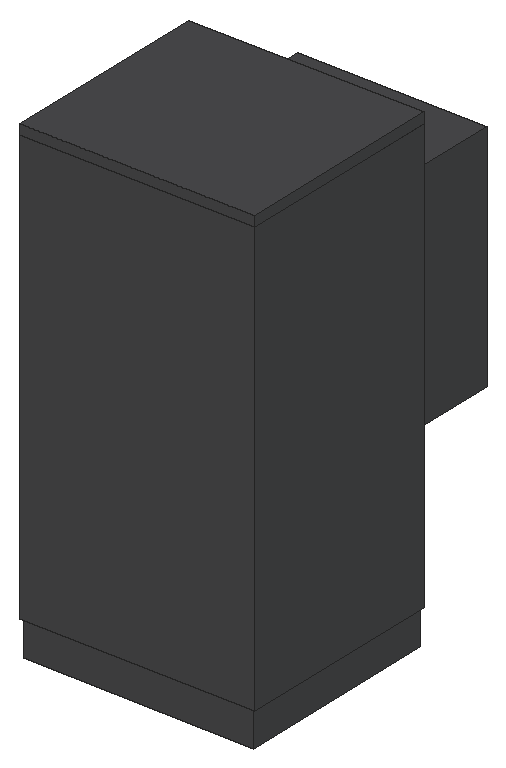
Revit family "LED QUADRATE 01_AM18W.2.18", category Luminarias, Revit 2019
Family settings
  Cota de conector redondo = Diámetro de uso
  Tipo de pieza = Normal
  Se basa en plano de trabajo = Sí
  Siempre vertical = No
  Corte con vacíos al cargar = No
  Origen de luz = Sí
  Compartido = No
  Punto de cálculo de habitación = No
Parameters (values of type "LED QUADRATE 01_AM18W.2.18")
  Ángulo de inclinación = 60.00°
  Zone [instance] = ""
  Watt per fixture = 20
  Wattage = 20 W
  built-in parameter 1150107 = 3000 (stored number, unit not read)
  built-in parameter 1150110 = 1 (stored number, unit not read)
  built-in parameter 1150109 = 1 (stored number, unit not read)
  built-in parameter 1150112 = 1 (stored number, unit not read)
  built-in parameter 1150113 = 1 (stored number, unit not read)
  built-in parameter 1114218 = 1 (stored number, unit not read)
  Keynote = ""
  built-in parameter 1150137 = (empty or 0)
  built-in parameter 1150132 = (empty or 0)
  Modelo = "AM18W.2.18"
  Lámpara = "NICHIA"
  built-in parameter 1150105 = 135.68 (stored number, unit not read)
  built-in parameter 1150102 = (empty or 0)
  built-in parameter 1150106 = 1.3568 (stored number, unit not read)
  Lumens = 1705 lm
  Color Filter = 16777215
  built-in parameter 1114217 = 1 (stored number, unit not read)
  built-in parameter 1150139 = (empty or 0)
  Fabricante = "BRILLANT"
  Default Elevation = 0 mm
  built-in parameter 1150104 = 7.92 (stored number, unit not read)
  Descripción = "LUMINARIA DIRIGIBLE TIPO ARBOTANTE, DE MATERIAL EN ALUMINIO FUNDIDO A PRESION CUBIERTO CON POLVO GRIS OSCURO Y VIDRIO DE 3MM, CON UN PESO DE 2.5KG, CON 1 LED TIPO NICHIA Y UNA POTENCIA TOTAL DE 20W, 1705 LUMENES, TEMPERATURA EN BLANCO CALIDO 3000K, IRC 80, IP 65, APERTURA DE 18 GRADOS POR STOCK, CORRIENTE DE OPERACIÓN 178mA, CABLE DE 0.3M, ALIMENTADO A 100-277VAC"
  built-in parameter 1150115 = 1 (stored number, unit not read)
  built-in parameter 1150114 = 1 (stored number, unit not read)
  Comentarios de vataje = "100-277V"
  built-in parameter 1150138 = (empty or 0)
  built-in parameter 1150134 = (empty or 0)
  Circuit [instance] = ""
  Dimming Lamp Color Temperature Shift = (empty or 0)
  Archivo de red fotométrica = "AM18W.2_18.IES"
  built-in parameter 1150133 = 10 (stored number, unit not read)
Reference planes
  plane 1 "Centro (Frontal/Posterior)": y = 0
  plane 2: z = 0
  plane 3 "Centro (Izquierda/Derecha)": x = 0
Forms (mm)
  Revolve 1, solid, material "Cristal", not visible
    sketch origin (-152, 0, 0) x (0, 1, 0) y (0, 0, -1)
      loop
        line (0, -8.749) -> (0, -7.25) -> (-1.499, -7.25)
        arc (-1.499, -7.25) -> (-1.06, -8.31) -> (0, -8.749) r 1.499
      axis (0, -7.25) -> (-1.499, -7.25)
    angle from 0 to 360
  Revolve 2, solid, material "Cristal", not visible
    sketch origin (-136, 0, 0) x (0, 1, 0) y (0, 0, -1)
      loop
        line (0, -8.749) -> (0, -7.25) -> (-1.499, -7.25)
        arc (-1.499, -7.25) -> (-1.06, -8.31) -> (0, -8.749) r 1.499
      axis (0, -7.25) -> (-1.499, -7.25)
    angle from 0 to 360
  Revolve 3, solid, material "Cristal", not visible
    sketch origin (-120, 0, 0) x (0, 1, 0) y (0, 0, -1)
      loop
        line (0, -8.749) -> (0, -7.25) -> (-1.499, -7.25)
        arc (-1.499, -7.25) -> (-1.06, -8.31) -> (0, -8.749) r 1.499
      axis (0, -7.25) -> (-1.499, -7.25)
    angle from 0 to 360
  Revolve 4, solid, material "Cristal", not visible
    sketch origin (-104, 0, 0) x (0, 1, 0) y (0, 0, -1)
      loop
        line (0, -8.749) -> (0, -7.25) -> (-1.499, -7.25)
        arc (-1.499, -7.25) -> (-1.06, -8.31) -> (0, -8.749) r 1.499
      axis (0, -7.25) -> (-1.499, -7.25)
    angle from 0 to 360
  Revolve 5, solid, material "Cristal", not visible
    sketch origin (-88, 0, 0) x (0, 1, 0) y (0, 0, -1)
      loop
        line (0, -8.749) -> (0, -7.25) -> (-1.499, -7.25)
        arc (-1.499, -7.25) -> (-1.06, -8.31) -> (0, -8.749) r 1.499
      axis (0, -7.25) -> (-1.499, -7.25)
    angle from 0 to 360
  Revolve 6, solid, material "Cristal", not visible
    sketch origin (-72, 0, 0) x (0, 1, 0) y (0, 0, -1)
      loop
        line (0, -8.749) -> (0, -7.25) -> (-1.499, -7.25)
        arc (-1.499, -7.25) -> (-1.06, -8.31) -> (0, -8.749) r 1.499
      axis (0, -7.25) -> (-1.499, -7.25)
    angle from 0 to 360
  Revolve 7, solid, material "Cristal", not visible
    sketch origin (-56, 0, 0) x (0, 1, 0) y (0, 0, -1)
      loop
        line (0, -8.749) -> (0, -7.25) -> (-1.499, -7.25)
        arc (-1.499, -7.25) -> (-1.06, -8.31) -> (0, -8.749) r 1.499
      axis (0, -7.25) -> (-1.499, -7.25)
    angle from 0 to 360
  Revolve 8, solid, material "Cristal", not visible
    sketch origin (-40, 0, 0) x (0, 1, 0) y (0, 0, -1)
      loop
        line (0, -8.749) -> (0, -7.25) -> (-1.499, -7.25)
        arc (-1.499, -7.25) -> (-1.06, -8.31) -> (0, -8.749) r 1.499
      axis (0, -7.25) -> (-1.499, -7.25)
    angle from 0 to 360
  Revolve 9, solid, material "Cristal", not visible
    sketch origin (-24, 0, 0) x (0, 1, 0) y (0, 0, -1)
      loop
        line (0, -8.749) -> (0, -7.25) -> (-1.499, -7.25)
        arc (-1.499, -7.25) -> (-1.06, -8.31) -> (0, -8.749) r 1.499
      axis (0, -7.25) -> (-1.499, -7.25)
    angle from 0 to 360
  Revolve 10, solid, material "Cristal", not visible
    sketch origin (-8, 0, 0) x (0, 1, 0) y (0, 0, -1)
      loop
        line (0, -8.749) -> (0, -7.25) -> (-1.499, -7.25)
        arc (-1.499, -7.25) -> (-1.06, -8.31) -> (0, -8.749) r 1.499
      axis (0, -7.25) -> (-1.499, -7.25)
    angle from 0 to 360
  Revolve 11, solid, material "Cristal", not visible
    sketch origin (8, 0, 0) x (0, 1, 0) y (0, 0, -1)
      loop
        line (0, -8.749) -> (0, -7.25) -> (-1.499, -7.25)
        arc (-1.499, -7.25) -> (-1.06, -8.31) -> (0, -8.749) r 1.499
      axis (0, -7.25) -> (-1.499, -7.25)
    angle from 0 to 360
  Revolve 12, solid, material "Cristal", not visible
    sketch origin (24, 0, 0) x (0, 1, 0) y (0, 0, -1)
      loop
        line (0, -8.749) -> (0, -7.25) -> (-1.499, -7.25)
        arc (-1.499, -7.25) -> (-1.06, -8.31) -> (0, -8.749) r 1.499
      axis (0, -7.25) -> (-1.499, -7.25)
    angle from 0 to 360
  Revolve 13, solid, material "Cristal", not visible
    sketch origin (40, 0, 0) x (0, 1, 0) y (0, 0, -1)
      loop
        line (0, -8.749) -> (0, -7.25) -> (-1.499, -7.25)
        arc (-1.499, -7.25) -> (-1.06, -8.31) -> (0, -8.749) r 1.499
      axis (0, -7.25) -> (-1.499, -7.25)
    angle from 0 to 360
  Revolve 14, solid, material "Cristal", not visible
    sketch origin (56, 0, 0) x (0, 1, 0) y (0, 0, -1)
      loop
        line (0, -8.749) -> (0, -7.25) -> (-1.499, -7.25)
        arc (-1.499, -7.25) -> (-1.06, -8.31) -> (0, -8.749) r 1.499
      axis (0, -7.25) -> (-1.499, -7.25)
    angle from 0 to 360
  Revolve 15, solid, material "Cristal", not visible
    sketch origin (72, 0, 0) x (0, 1, 0) y (0, 0, -1)
      loop
        line (0, -8.749) -> (0, -7.25) -> (-1.499, -7.25)
        arc (-1.499, -7.25) -> (-1.06, -8.31) -> (0, -8.749) r 1.499
      axis (0, -7.25) -> (-1.499, -7.25)
    angle from 0 to 360
  Revolve 16, solid, material "Cristal", not visible
    sketch origin (88, 0, 0) x (0, 1, 0) y (0, 0, -1)
      loop
        line (0, -8.749) -> (0, -7.25) -> (-1.499, -7.25)
        arc (-1.499, -7.25) -> (-1.06, -8.31) -> (0, -8.749) r 1.499
      axis (0, -7.25) -> (-1.499, -7.25)
    angle from 0 to 360
  Revolve 17, solid, material "Cristal", not visible
    sketch origin (104, 0, 0) x (0, 1, 0) y (0, 0, -1)
      loop
        line (0, -8.749) -> (0, -7.25) -> (-1.499, -7.25)
        arc (-1.499, -7.25) -> (-1.06, -8.31) -> (0, -8.749) r 1.499
      axis (0, -7.25) -> (-1.499, -7.25)
    angle from 0 to 360
  Revolve 18, solid, material "Cristal", not visible
    sketch origin (120, 0, 0) x (0, 1, 0) y (0, 0, -1)
      loop
        line (0, -8.749) -> (0, -7.25) -> (-1.499, -7.25)
        arc (-1.499, -7.25) -> (-1.06, -8.31) -> (0, -8.749) r 1.499
      axis (0, -7.25) -> (-1.499, -7.25)
    angle from 0 to 360
  Revolve 19, solid, material "Cristal", not visible
    sketch origin (136, 0, 0) x (0, 1, 0) y (0, 0, -1)
      loop
        line (0, -8.749) -> (0, -7.25) -> (-1.499, -7.25)
        arc (-1.499, -7.25) -> (-1.06, -8.31) -> (0, -8.749) r 1.499
      axis (0, -7.25) -> (-1.499, -7.25)
    angle from 0 to 360
  Revolve 20, solid, material "Cristal", not visible
    sketch origin (152, 0, 0) x (0, 1, 0) y (0, 0, -1)
      loop
        line (0, -8.749) -> (0, -7.25) -> (-1.499, -7.25)
        arc (-1.499, -7.25) -> (-1.06, -8.31) -> (0, -8.749) r 1.499
      axis (0, -7.25) -> (-1.499, -7.25)
    angle from 0 to 360
  Extrusion 21, solid, material "Default Form"
    sketch origin (0, -22.645, 0) x (1, 0, 0) y (0, 1, 0)
      loop
        line (-50, -23.355) -> (-50, -113.355) -> (50, -113.355) -> (50, -23.355) -> (-50, -23.355)
    from 0 to 199.955
  Extrusion 22, void
    sketch origin (0, -22.645, 0) x (1, 0, 0) y (0, 1, 0)
      loop
        line (-42.5, -28.071) -> (-42.5, -105.586) -> (42.5, -105.586) -> (42.5, -28.071) -> (-42.5, -28.071)
    from 0 to 8.669
  Extrusion 23, solid, material "Cristal"
    sketch origin (0, -46, -127.046) x (0, -1, 0) y (1, 0, 0)
      loop
        line (4.715, -42.5) -> (82.231, -42.5) -> (82.231, 42.5) -> (4.715, 42.5) -> (4.715, -42.5)
    from 127.046 to 130.208
  Extrusion 24, void
    sketch origin (0, -46, -129.011) x (0, -1, 0) y (1, 0, 0)
      loop
        circle (3.34, -47.069) r 1.481
      loop
        circle (3.34, 47.069) r 1.481
      loop
        circle (86.66, -47.069) r 1.481
      loop
        circle (86.66, 47.069) r 1.481
    from 129.011 to 130.208
  Extrusion 25, solid, material "Acero Inoxidable"
    sketch origin (0, -46, 0) x (1, 0, 0) y (0, 1, 0)
      loop
        circle (-47.069, -3.34) r 1.228
      loop
        line (-48.018, -3.34) -> (-47.544, -4.162) -> (-46.595, -4.162) -> (-46.121, -3.34) -> (-46.595, -2.519) -> (-47.544, -2.519) -> (-48.018, -3.34)
      loop
        circle (47.069, -3.34) r 1.228
      loop
        line (46.121, -3.34) -> (46.595, -4.162) -> (47.544, -4.162) -> (48.018, -3.34) -> (47.544, -2.519) -> (46.595, -2.519) -> (46.121, -3.34)
      loop
        circle (47.069, -86.66) r 1.228
      loop
        line (46.121, -86.66) -> (46.595, -87.481) -> (47.544, -87.481) -> (48.018, -86.66) -> (47.544, -85.838) -> (46.595, -85.838) -> (46.121, -86.66)
      loop
        circle (-47.069, -86.66) r 1.228
      loop
        line (-48.018, -86.66) -> (-47.544, -87.481) -> (-46.595, -87.481) -> (-46.121, -86.66) -> (-46.595, -85.838) -> (-47.544, -85.838) -> (-48.018, -86.66)
    from 0 to 1.197
  Extrusion 26, solid, material "Default Form"
    sketch origin (0, 0, 0) x (1, 0, 0) y (0, 1, 0)
      loop
        line (-40.142, -46) -> (40.142, -46) -> (40.142, 0) -> (-40.142, 0) -> (-40.142, -46)
    from 75.478 to 175.085
  Extrusion 27, solid, material "Default Form"
    sketch origin (0, 0, 0) x (1, 0, 0) y (0, 1, 0)
      loop
        line (-50, -46) -> (-50, -136) -> (50, -136) -> (50, -46) -> (-50, -46)
    from 199.955 to 204.234
  Extrusion 28, void
    sketch origin (0, 0, 0) x (1, 0, 0) y (0, 1, 0)
      loop
        line (-52.9, -44.226) -> (-52.9, -139.226) -> (52.893, -139.226) -> (52.893, -44.226) -> (-52.9, -44.226)
      loop
        line (-49.2, -46.8) -> (-49.2, -135.2) -> (49.2, -135.2) -> (49.2, -46.8) -> (-49.2, -46.8)
    from 0 to 15
  Revolve 29, void
    sketch origin (0, -89.473, 0) x (1, 0, 0) y (0, 0, -1)
      loop
        spline (0, -15) -> (2.98, -14.946) -> (5.908, -14.784) -> (8.736, -14.518) -> (11.414, -14.152) -> (13.897, -13.692) -> (16.142, -13.146) -> (18.111, -12.523) -> (19.77, -11.834) -> (21.091, -11.092) -> (22.051, -10.307) -> (22.633, -9.495) -> (22.829, -8.669)
        line (22.829, -8.669) -> (0, -8.669) -> (0, -15)
      axis (0, -8.669) -> (0, -15)
    angle from 0 to 360
Cuts and joins
  Extrusion 22, Extrusion 24, Extrusion 28, Revolve 29 cuts Extrusion 21
Lines and regions (mm)
  model lines
    curve 1: line (0, -136, 0) -> (0, 0, 0)
Dimensions and locks
  equal spacing: Extrusion 21 sketch curve, plane 3 "Centro (Izquierda/Derecha)", Extrusion 21 sketch curve
  Extrusion 21 sketch curve to plane 3 "Centro (Izquierda/Derecha)" = 50 mm
  Extrusion 21 sketch curve to Extrusion 21 sketch curve = 90 mm
  cut or joined group of Extrusion 21, Extrusion 22, Extrusion 24, Extrusion 28, Revolve 29 to cut or joined group of Extrusion 21, Extrusion 22, Extrusion 24, Extrusion 28, Revolve 29 = 199.955 mm
  cut or joined group of Extrusion 21, Extrusion 22, Extrusion 24, Extrusion 28, Revolve 29 to cut or joined group of Extrusion 21, Extrusion 22, Extrusion 24, Extrusion 28, Revolve 29 = 100 mm
  cut or joined group of Extrusion 21, Extrusion 22, Extrusion 24, Extrusion 28, Revolve 29 to cut or joined group of Extrusion 21, Extrusion 22, Extrusion 24, Extrusion 28, Revolve 29 = 90 mm
  equal spacing: Extrusion 26 sketch curve, curve 1, Extrusion 26 sketch curve
  Extrusion 26 to Extrusion 26 = 99.607 mm
  locked: Extrusion 27 to Extrusion 27 at 4.279
  aligned and locked: level to plane 2
  aligned and locked: cut or joined group of Extrusion 21, Extrusion 22, Extrusion 24, Extrusion 28, Revolve 29 to Extrusion 25
  aligned and locked: Extrusion 27 sketch curve to cut or joined group of Extrusion 21, Extrusion 22, Extrusion 24, Extrusion 28, Revolve 29  (x4)
  aligned and locked: Extrusion 21 to Extrusion 27
Connectors
  electrical at (0, 0, 125.282)
    settings: on Extrusion 26, index 1, voltage 277 V, apparent load 0 VA, apparent load phase1 0 VA, apparent load phase2 0 VA, apparent load phase3 0 VA, power factor 1, load classification "Otro", number of poles 1, system type 31, power factor state 1, is connector primary yes, connector utility no, sub classification motor no, connector description ""
